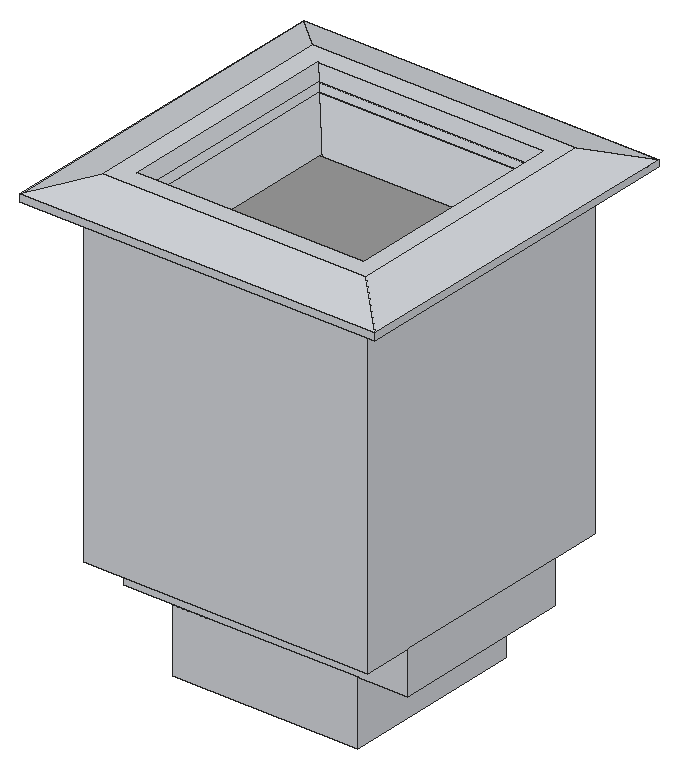
Revit family "2061330 Sylvania Lighting Fixture DOMINO 1xLED 940 BLACK MB TRIM BLACK DALI", category Lighting Fixtures, host Face, Revit 2018
Family settings
  Host = Face
  Round Connector Dimension = Use Diameter
  Part Type = Normal
  OmniClass Number = 23.80.70.00
  OmniClass Title = Lighting
  Cut with Voids When Loaded = No
  Light Source = Yes
  Shared = No
  Room Calculation Point = No
Parameters (values of type "2061330 DOMINO 1XLED 940 BLACK MB TR BLK DALI")
  top top width = 15.812 mm
  top top length = 26 mm
  Width = 50 mm
  Weight = "n/a"
  Wattage Comments = ""
  Wattage = 9.2903 W
  WarrantyStartDate [instance] = "n/a"
  WarrantyGuarantorParts = "n/a"
  WarrantyDurationUnit = "n/a"
  WarrantyDurationParts = ""
  WarrantyDescription = "http://www.sylvania-lighting.com"
  built-in parameter 1150110 = 1 (stored number, unit not read)
  Voltage = 0 V
  URL = "0.96"
  TypeName = "DOMINO 1xLED 940 BLACK MB TRIM BLACK DALI"
  Type Image = <None>
  Type Comments = "n/a"
  built-in parameter 1114217 = 1 (stored number, unit not read)
  Top Width = 26 mm
  Tilt Angle = 90.00°
  built-in parameter 1150109 = 1 (stored number, unit not read)
  built-in parameter 1150134 = 3
  built-in parameter 1150113 = 1 (stored number, unit not read)
  SerialNumber [instance] = "n/a"
  Recessed Width = 43 mm
  Recessed Length = 43 mm
  Photometric Web File = "2061330.ies"
  Material_3_FEILO = none
  PowerFactor = 0
  PowerConsumption = "Lighting"
  NominalLength = 50 mm
  NominalHeight = 0 mm
  NominalDepth = 0 mm
  Name = "DOMINO 1xLED 940 BLACK MB TRIM BLACK DALI"
  ModelReference = Name  # "DOMINO 1xLED 940 BLACK MB TRIM BLACK DALI"
  ModelNumber = "2061330"
  Model = Name  # "DOMINO 1xLED 940 BLACK MB TRIM BLACK DALI"
  Material = "Feilo Sylvania"
  ManufacturerName = "48 lm/W"
  Manufacturer = ""
  LuminousEfficacy = ""
  built-in parameter 1150105 = 109.82 (stored number, unit not read)
  Lumens = 1380 lm
  LuminaireType = "0"
  built-in parameter 1150115 = 1 (stored number, unit not read)
  LightOutputRatio = "LED"
  built-in parameter 1150137 = (empty or 0)
  built-in parameter 1150139 = (empty or 0)
  Lens inside recess = 25 mm
  Lens Width = 32 mm
  Lens Outside recess = 31.978 mm
  Lens = Glass, White, High Luminance
  Length = 50 mm
  LampsType = Lamp  # "n/a"
  LampNominalLuminous = "4000 K"
  LampMacAdamStep = "90"
  LampColourTemperature = "LED"
  LampColourRenderingIndex = "16500"
  built-in parameter 1150112 = 1 (stored number, unit not read)
  built-in parameter 1150114 = 1 (stored number, unit not read)
  Lamp = "n/a"
  Keynote = "n/a"
  InstallationDate [instance] = "n/a"
  InputVoltage = "0"
  InputNominalFrequency = "4000"
  built-in parameter 1150132 = (empty or 0)
  built-in parameter 1150102 = (empty or 0)
  built-in parameter 1150107 = 3200 (stored number, unit not read)
  built-in parameter 1150138 = (empty or 0)
  IngressProtection = "IfcLightFixtureType"
  ImpactProtectionIndex = "IfcLightFixtureType"
  built-in parameter 1150106 = 1.0982 (stored number, unit not read)
  IfcExportType = "IfcLightFixtureType"
  IfcExportAs = "Class II"
  Facia internal width = 37 mm
  Facia internal length = 37 mm
  Facia Height = 2 mm
  ExpectedLife = 50000
  Emit from Circle Diameter = 609.6 mm
  Emit Shape Visible in Rendering = no
  ElectricShockClassification = "48"
  built-in parameter 1150104 = 13.8 (stored number, unit not read)
  DurationUnit = "hours"
  DocumentationLiterature = "http://www.sylvania-lighting.com/product/en-int/products/2061330"
  DimmingControlOptions = "n/a"
  Material_2_FEILO = none
  Dimming Lamp Color Temperature Shift = <None>
  Description = "Modular LED recessed linear spotlight, ideal for retail and hospitality applications. Die-cast aluminium body, passive cooling. Two levels of reflector installation, low glaring UGR<16. 1x LED source, 30° beam angle , optics: PMMA lens and polycarbonate reflector combination, Black matt reflector finish. Light color temperature: 4000K neutral white, total system power: 4W , total fixture lumen output: 190lm, efficacy: 48 lm/W, Ra90 typical, LED chromacity: 3 step MacAdam ellipse (SDCM3), lifespan: 96,000 hours at 90% of the original output (L90B10), IR/UV free light source without heat radiation, operating voltage: 220-240V / 50-60Hz, electronic driver, ultra low flicker, DALI , electrical protection: Class II. Degree of Protection: IP40/IP20, suitable for indoor environment only. Ceiling cut-out: 43x43mm, outer dimensions:  50x50mm trim frame RAL 9005 - Jet black color.5 years Warranty."
  Default Elevation = 1219.2 mm
  CreatedOn = "09/02/2021"
  CreatedBy = "@sylvania-lighting.com"
  Cost = 0
  Color Filter = 16777215
  built-in parameter 1114216 [instance] = (empty or 0)
  ClassificationValue = "EF_70_80"
  ClassificationName = "Uniclass2015"
  Material_1_FEILO = none
  Body Width = 40 mm
  Body Length = 40 mm
  BarCode [instance] = "n/a"
  built-in parameter 1114218 = 1 (stored number, unit not read)
  built-in parameter 1150133 = 10 (stored number, unit not read)
  AssetType = "Fixed"
  AssetIdentifier [instance] = "n/a"
  Assembly Code = "D5020200"
  Apparent Load = 4 VA
  Material_4_FEILO = none
Reference planes
  plane 1 "Center (Front/Back)": y = 0
  plane 2: z = 0
  plane 3 "Center (Left/Right)": x = 0
  plane 4: z = 0
  plane 5: z = -7
  plane 6: z = -45.895
  plane 7: z = -51.895
  plane 8: z = -60.895
  plane 9: x = -21.5
  plane 10: x = 21.5
  plane 11: y = 21.5
  plane 12: y = -21.5
  plane 13: x = -25
  plane 14: x = 25
  plane 15: y = 25
  plane 16: y = -25
  plane 17: x = 18.5
  plane 18: x = -18.5
  plane 19: y = 18.5
  plane 20: y = -18.5
  plane 21: z = 2
  plane 22: x = -20
  plane 23: x = 20
  plane 24: y = 20
  plane 25: y = -20
  plane 26: y = 13
  plane 27: y = -13
  plane 28: y = 16
  plane 29: y = -16
  plane 30: x = 13
  plane 31: x = -13
  plane 32: x = -15.772
  plane 33: x = 16.206
  plane 34: y = 12.5
  plane 35: y = -12.5
  plane 36: x = -12.5
  plane 37: x = 12.5
Forms (mm)
  Extrusion 1, solid, not visible, detail levels medium+fine
    sketch origin (4.2, 0, 0) x (1, 0, 0) y (0, 1, 0)
      loop
        line (-29.2, 34.5) -> (-29.2, -34.5) -> (20.8, -34.5) -> (20.8, 34.5) -> (-29.2, 34.5)
    from 0 to 1
  Extrusion 2, solid, not visible, detail levels medium+fine
    sketch origin (4.044, 0, 0) x (1, 0, 0) y (0, 1, 0)
      loop
        line (-29.2, 34.5) -> (-29.2, -34.5) -> (20.8, -34.5) -> (20.8, 34.5) -> (-29.2, 34.5)
    from 0 to 1
  Blend 3, solid, not visible, detail levels medium+fine
    base sketch origin (4.2, 0, 0) x (1, 0, 0) y (0, 1, 0)
      loop
        line (-29.2, 34.5) -> (-29.2, -34.5) -> (20.8, -34.5) -> (20.8, 34.5) -> (-29.2, 34.5)
    top sketch origin (4.2, 0, 0) x (1, 0, 0) y (0, 1, 0)
      loop
        line (-21.7, 28) -> (-21.7, -28) -> (13.3, -28) -> (13.3, 28) -> (-21.7, 28)
    from 1 to 3
  Extrusion 4, solid, not visible, detail levels medium+fine
    sketch origin (3.419, 0, 0) x (1, 0, 0) y (0, 1, 0)
      loop
        line (-29.2, 34.5) -> (-29.2, -34.5) -> (20.8, -34.5) -> (20.8, 34.5) -> (-29.2, 34.5)
    from 0 to 1
  Blend 5, solid, not visible, detail levels medium+fine
    base sketch origin (3.575, 0, 0) x (1, 0, 0) y (0, 1, 0)
      loop
        line (-29.2, 34.5) -> (-29.2, -34.5) -> (20.8, -34.5) -> (20.8, 34.5) -> (-29.2, 34.5)
    top sketch origin (3.575, 0, 0) x (1, 0, 0) y (0, 1, 0)
      loop
        line (-21.7, 28) -> (-21.7, -28) -> (13.3, -28) -> (13.3, 28) -> (-21.7, 28)
    from 1 to 3
  Extrusion 6, solid, not visible, detail levels medium+fine
    sketch origin (4.247, 0, 0) x (1, 0, 0) y (0, 1, 0)
      loop
        line (-29.2, 34.5) -> (-29.2, -34.5) -> (20.8, -34.5) -> (20.8, 34.5) -> (-29.2, 34.5)
    from 0 to 1
  Blend 7, solid, not visible, detail levels medium+fine
    base sketch origin (4.403, 0, 0) x (1, 0, 0) y (0, 1, 0)
      loop
        line (-29.2, 34.5) -> (-29.2, -34.5) -> (20.8, -34.5) -> (20.8, 34.5) -> (-29.2, 34.5)
    top sketch origin (4.403, 0, 0) x (1, 0, 0) y (0, 1, 0)
      loop
        line (-21.7, 28) -> (-21.7, -28) -> (13.3, -28) -> (13.3, 28) -> (-21.7, 28)
    from 1 to 3
  Extrusion 8, void, detail levels medium+fine
    sketch origin (4.2, 0, 0) x (0, 1, 0) y (1, 0, 0)
      loop
        line (21.5, -25.7) -> (21.5, 17.3) -> (-21.5, 17.3) -> (-21.5, -25.7) -> (21.5, -25.7)
    from -9.934 to 83.097
  Extrusion 9, solid, detail levels medium+fine
    sketch origin (4.2, 0, 0) x (1, 0, 0) y (0, 1, 0)
      loop
        line (-29.2, 25) -> (-29.2, -25) -> (20.8, -25) -> (20.8, 25) -> (-29.2, 25)
    from 0 to 1
  Extrusion 10, solid, detail levels medium+fine
    sketch origin (4.2, 0, 0) x (1, 0, 0) y (0, 1, 0)
      loop
        line (-24.2, 20) -> (-24.2, -20) -> (15.8, -20) -> (15.8, 20) -> (-24.2, 20)
    from 0 to -45.895
  Extrusion 11, solid, detail levels medium+fine
    sketch origin (4.2, 0, 0) x (1, 0, 0) y (0, 1, 0)
      loop
        line (-24.2, 13) -> (-24.2, -13) -> (15.8, -13) -> (15.8, 13) -> (-24.2, 13)
    from -51.895 to -45.895
  Extrusion 12, solid, material "Glass, White, High Luminance" <- "Lens", detail levels fine
    sketch origin (13.547, 1218.849, 36.156) x (1, 0, 0) y (0, 1, 0)
      loop
        line (-26.047, -1206.7) -> (-26.047, -1231.7) -> (-1.047, -1231.7) -> (-1.047, -1206.7) -> (-26.047, -1206.7)
    from -43.156 to -42.182
  Blend 13, solid, detail levels medium+fine
    base sketch origin (4.2, 0, 0) x (1, 0, 0) y (0, 1, 0)
      loop
        line (-29.2, 25) -> (-29.2, -25) -> (20.8, -25) -> (20.8, 25) -> (-29.2, 25)
    top sketch origin (4.2, 0, 0) x (1, 0, 0) y (0, 1, 0)
      loop
        line (-22.7, 18.5) -> (-22.7, -18.5) -> (14.3, -18.5) -> (14.3, 18.5) -> (-22.7, 18.5)
    from 1 to 3
  Extrusion 14, solid, detail levels fine
    sketch origin (0, 0, 0) x (1, 0, 0) y (0, 0, 1)
      loop
        line (-13, -51.895) -> (-13, -60.895) -> (13, -60.895) -> (13, -51.895) -> (-13, -51.895)
    from -13 to 13
  Blend 15, void, detail levels medium+fine
    base sketch origin (4.2, 0, 0) x (0, 1, 0) y (-1, 0, 0)
      loop
        line (16, 19.972) -> (-16, 19.972) -> (-16, -12.006) -> (16, -12.006) -> (16, 19.972)
    top sketch origin (4.2, 0, 0) x (0, 1, 0) y (-1, 0, 0)
      loop
        line (12.5, 16.7) -> (-12.5, 16.7) -> (-12.5, -8.3) -> (12.5, -8.3) -> (12.5, 16.7)
    from 3 to -7
  Extrusion 16, solid, detail levels coarse
    sketch origin (4.2, 0, 0) x (1, 0, 0) y (0, 1, 0)
      loop
        line (-29.2, 25) -> (-29.2, -25) -> (20.8, -25) -> (20.8, 25) -> (-29.2, 25)
    from 3 to -60.895
Cuts and joins
  Blend 15 cuts Extrusion 9
  Blend 15 cuts Extrusion 10
  Blend 15 cuts Blend 13
Dimensions and locks
  "Recessed Length": plane 9 to plane 10
  equal spacing: plane 9, plane 3 "Center (Left/Right)", plane 10
  "Length": plane 13 to plane 14
  equal spacing: plane 13, plane 3 "Center (Left/Right)", plane 14
  "Recessed Width": plane 11 to plane 12
  equal spacing: plane 11, plane 1 "Center (Front/Back)", plane 12
  "Width": plane 15 to plane 16
  equal spacing: plane 15, plane 1 "Center (Front/Back)", plane 16
  "Facia internal length": plane 18 to plane 17
  equal spacing: plane 18, plane 3 "Center (Left/Right)", plane 17
  "Facia internal width": plane 19 to plane 20
  equal spacing: plane 19, plane 1 "Center (Front/Back)", plane 20
  "Facia Height": plane 21 to host face
  "Body Length": plane 22 to plane 23
  equal spacing: plane 22, plane 3 "Center (Left/Right)", plane 23
  "Body Width": plane 24 to plane 25
  equal spacing: plane 24, plane 1 "Center (Front/Back)", plane 25
  "Top Width": plane 26 to plane 27
  equal spacing: plane 26, plane 1 "Center (Front/Back)", plane 27
  "Lens Width": plane 28 to plane 29
  equal spacing: plane 28, plane 1 "Center (Front/Back)", plane 29
  "top top length": plane 31 to plane 30
  equal spacing: plane 31, plane 3 "Center (Left/Right)", plane 30  (x2)
  plane 30 to plane 31 = 26 mm
  equal spacing: plane 30, plane 3 "Center (Left/Right)", plane 31
  "Lens Outside recess": plane 32 to plane 33
  "Lens inside recess": plane 34 to plane 35
  equal spacing: plane 34, plane 1 "Center (Front/Back)", plane 35
  aligned and locked: plane 2 to host face
  aligned and locked: level to host face
  aligned and locked: Extrusion 11 to plane 7
  aligned and locked: Extrusion 10 to plane 6
  aligned and locked: cut or joined group of Blend 13, Blend 15 to Blend 15
Automatic sketch dimensions
  host sketch curve to host sketch curve = 2438.4 mm  (x2)
  Extrusion 1 sketch curve to Extrusion 1 sketch curve = 50 mm
  Extrusion 1 sketch curve to Extrusion 1 sketch curve = 69 mm
  Extrusion 2 sketch curve to Extrusion 2 sketch curve = 50 mm
  Extrusion 2 sketch curve to Extrusion 2 sketch curve = 69 mm
  Blend 3 sketch curve to Blend 3 sketch curve = 50 mm
  Blend 3 sketch curve to Blend 3 sketch curve = 69 mm
  Blend 3 sketch curve to Blend 3 sketch curve = 35 mm
  Blend 3 sketch curve to Blend 3 sketch curve = 56 mm
  Extrusion 4 sketch curve to Extrusion 4 sketch curve = 50 mm
  Extrusion 4 sketch curve to Extrusion 4 sketch curve = 69 mm
  Blend 5 sketch curve to Blend 5 sketch curve = 50 mm
  Blend 5 sketch curve to Blend 5 sketch curve = 69 mm
  Blend 5 sketch curve to Blend 5 sketch curve = 35 mm
  Blend 5 sketch curve to Blend 5 sketch curve = 56 mm
  Extrusion 6 sketch curve to Extrusion 6 sketch curve = 50 mm
  Extrusion 6 sketch curve to Extrusion 6 sketch curve = 69 mm
  Blend 7 sketch curve to Blend 7 sketch curve = 50 mm
  Blend 7 sketch curve to Blend 7 sketch curve = 69 mm
  Blend 7 sketch curve to Blend 7 sketch curve = 35 mm
  Blend 7 sketch curve to Blend 7 sketch curve = 56 mm
  plane 9 to Extrusion 8 sketch curve = 0 mm
  Extrusion 8 sketch curve to plane 12 = 0 mm
  Extrusion 8 sketch curve to plane 11 = 0 mm
  Extrusion 8 sketch curve to plane 10 = 0 mm
  plane 13 to Extrusion 9 sketch curve = 0 mm
  plane 14 to Extrusion 9 sketch curve = 0 mm
  Extrusion 9 sketch curve to plane 16 = 0 mm
  Extrusion 9 sketch curve to plane 15 = 0 mm
  Extrusion 10 sketch curve to plane 22 = 0 mm
  Extrusion 10 sketch curve to plane 23 = 0 mm
  Extrusion 10 sketch curve to plane 25 = 0 mm
  Extrusion 10 sketch curve to plane 24 = 0 mm
  Extrusion 11 sketch curve to plane 22 = 0 mm
  Extrusion 11 sketch curve to plane 23 = 0 mm
  Extrusion 11 sketch curve to plane 27 = 0 mm
  Extrusion 11 sketch curve to plane 26 = 0 mm
  Extrusion 12 sketch curve to plane 11 = 9.351 mm
  plane 1 "Center (Front/Back)" to Extrusion 12 sketch curve = 12.851 mm
  plane 18 to Extrusion 12 sketch curve = 6 mm
  Blend 13 sketch curve to plane 13 = 0 mm
  Blend 13 sketch curve to plane 14 = 0 mm
  Blend 13 sketch curve to plane 16 = 0 mm
  Blend 13 sketch curve to plane 15 = 0 mm
  Blend 13 sketch curve to plane 18 = 0 mm
  Blend 13 sketch curve to plane 17 = 0 mm
  Blend 13 sketch curve to plane 20 = 0 mm
  Blend 13 sketch curve to plane 19 = 0 mm
  Extrusion 12 sketch curve to Extrusion 12 sketch curve = 25 mm
  Extrusion 14 sketch curve to plane 8 = 0 mm
  Extrusion 14 sketch curve to plane 31 = 0 mm
  Extrusion 14 sketch curve to plane 30 = 0 mm
  Extrusion 14 sketch curve to plane 7 = 0 mm
  Blend 15 sketch curve to plane 29 = 0 mm
  Blend 15 sketch curve to plane 28 = 0 mm
  Blend 15 sketch curve to plane 33 = 0 mm
  Blend 15 sketch curve to plane 32 = 0 mm
  Blend 15 sketch curve to plane 35 = 0 mm
  Blend 15 sketch curve to plane 34 = 0 mm
  Blend 15 sketch curve to plane 37 = 0 mm
  Blend 15 sketch curve to plane 36 = 0 mm
  Extrusion 16 sketch curve to plane 13 = 0 mm
  Extrusion 16 sketch curve to plane 14 = 0 mm
  Extrusion 16 sketch curve to plane 16 = 0 mm
  Extrusion 16 sketch curve to plane 15 = 0 mm
Connectors
  electrical at (0, 0, -60.895)
    settings: on Extrusion 14, index 1, voltage 0 V, apparent load 0 VA, apparent load phase1 0 VA, apparent load phase2 0 VA, apparent load phase3 0 VA, power factor 1, load classification "Other", number of poles 1, system type 31, power factor state 1, is connector primary yes, connector utility no, sub classification motor no, connector description ""
